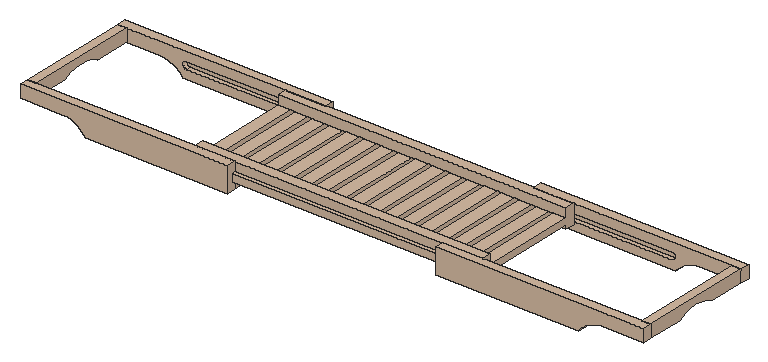
Revit family "Reece_Accessory_Kado_Arc_Adjustable Bath Rack", category Plumbing Fixtures, host Face, Revit 2018
Family settings
  Host = Face
  Round Connector Dimension = Use Diameter
  Part Type = Normal
  Cut with Voids When Loaded = No
  Shared = Yes
  Room Calculation Point = Yes
Parameters (values of type "American Solid Oak")
  Waste Connection = no
  WFU = 0  # constant formula
  Vent Connection = no
  URL = "https://www.reece.com.au/product/-9509648"
  Type Comments = "Accessory"
  Reece_Rack_Extender_Right_Range [instance] = if(Reece_Rack_Extender_Right > 525 mm, 525 mm, if(Reece_Rack_Extender_Right < 350 mm, 350 mm, Reece_Rack_Extender_Right))  # 525 mm
  Reece_Rack_Extender_Right [instance] = 525 mm
  Reece_Rack_Extender_Left_Range [instance] = if(Reece_Rack_Extender_Left > 525 mm, 525 mm, if(Reece_Rack_Extender_Left < 350 mm, 350 mm, Reece_Rack_Extender_Left))  # 525 mm
  Reece_Rack_Extender_Left [instance] = 525 mm
  Reece_Product_Web Page = "https://www.reece.com.au/product/-9509648"
  Reece_Product_Type = "Accessory"  # constant formula
  Reece_Product_Sub Brand = "Arc"  # constant formula
  Reece_Product_Number = "9509648"
  Reece_Product_Mount = "Bath Mounted"
  Reece_Product_Description = "Kado Arc Adjustable Bath Rack American Solid Oak"
  Reece_Product_Brand = "Kado"  # constant formula
  Reece_Overall_Width [instance] = Reece_Rack_Extender_Left_Range + Reece_Rack_Extender_Right_Range  # 1050 mm
  Reece_Overall_Height = 42 mm  # constant formula
  Reece_Overall_Depth = 220 mm  # constant formula
  Reece_Material_Main = Reece_Oak_American
  Reece_Detail_Disclaimer = "THIS FILE IS THE PROPERTY OF THE REECE GROUP. IT MAY NOT BE REPRODUCED, REVERSE-ENGINEERED OR MODIFIED. ANY REPUBLICATION, TRANSMISSION OR DISTRIBUTION FOR THE PURPOSE OF COMMERCIALLY EXPLOITING THE FILES IS PROHIBITED."  # constant formula
  Model = "Arc"
  Manufacturer = "Kado"
  Keynote = "Product #9509648, Reece_Accessory_Kado_Arc_Adjustable Bath Rack - American Solid Oak"
  HWFU = 0  # constant formula
  HW Connection = no
  Disclaimer = "THIS FILE IS THE PROPERTY OF THE REECE GROUP. IT MAY NOT BE REPRODUCED, REVERSE-ENGINEERED OR MODIFIED. ANY REPUBLICATION, TRANSMISSION OR DISTRIBUTION FOR THE PURPOSE OF COMMERCIALLY EXPLOITING THE FILES IS PROHIBITED."  # constant formula
  Description = "Kado Arc Adjustable Bath Rack American Solid Oak"
  Default Elevation = 0 mm
  CWFU = 0  # constant formula
  CW Connection = no
Types (2, lengths in mm): name | Keynote
  (no name) | "Product #9509648, Reece_Accessory_Kado_Arc_Adjustable Bath Rack -  "
  American Solid Oak | "Product #9509648, Reece_Accessory_Kado_Arc_Adjustable Bath Rack - American Solid Oak"
Reference planes
  plane 1 "Center (Front/Back)": y = 0
  plane 2 "Bottom": z = 0
  plane 3 "Center (Left/Right)": x = 0
  plane 4 "Top": z = 42
  plane 5: x = 525
  plane 6: x = -525
  plane 7: y = -110
  plane 8: y = 110
  plane 9: x = 0
Forms (mm)
  Extrusion 1, solid, material "Reece_Oak_American" <- "Reece_Material_Main"
    sketch origin (0, 0, 0) x (1, 0, 0) y (0, 1, 0)
      loop
        line (-242.5, 87.5) -> (-242.5, -87.5) -> (-221.5, -87.5) -> (-221.5, 87.5) -> (-242.5, 87.5)
      loop
        line (-213.5, 87.5) -> (-213.5, -87.5) -> (-192.5, -87.5) -> (-192.5, 87.5) -> (-213.5, 87.5)
      loop
        line (-184.5, 87.5) -> (-184.5, -87.5) -> (-163.5, -87.5) -> (-163.5, 87.5) -> (-184.5, 87.5)
      loop
        line (-155.5, 87.5) -> (-155.5, -87.5) -> (-134.5, -87.5) -> (-134.5, 87.5) -> (-155.5, 87.5)
      loop
        line (-126.5, 87.5) -> (-126.5, -87.5) -> (-105.5, -87.5) -> (-105.5, 87.5) -> (-126.5, 87.5)
      loop
        line (-97.5, 87.5) -> (-97.5, -87.5) -> (-76.5, -87.5) -> (-76.5, 87.5) -> (-97.5, 87.5)
      loop
        line (-68.5, 87.5) -> (-68.5, -87.5) -> (-47.5, -87.5) -> (-47.5, 87.5) -> (-68.5, 87.5)
      loop
        line (-39.5, 87.5) -> (-39.5, -87.5) -> (-18.5, -87.5) -> (-18.5, 87.5) -> (-39.5, 87.5)
      loop
        line (-10.5, 87.5) -> (-10.5, -87.5) -> (10.5, -87.5) -> (10.5, 87.5) -> (-10.5, 87.5)
      loop
        line (18.5, 87.5) -> (18.5, -87.5) -> (39.5, -87.5) -> (39.5, 87.5) -> (18.5, 87.5)
      loop
        line (47.5, 87.5) -> (47.5, -87.5) -> (68.5, -87.5) -> (68.5, 87.5) -> (47.5, 87.5)
      loop
        line (76.5, 87.5) -> (76.5, -87.5) -> (97.5, -87.5) -> (97.5, 87.5) -> (76.5, 87.5)
      loop
        line (105.5, 87.5) -> (105.5, -87.5) -> (126.5, -87.5) -> (126.5, 87.5) -> (105.5, 87.5)
      loop
        line (134.5, 87.5) -> (134.5, -87.5) -> (155.5, -87.5) -> (155.5, 87.5) -> (134.5, 87.5)
      loop
        line (163.5, 87.5) -> (163.5, -87.5) -> (184.5, -87.5) -> (184.5, 87.5) -> (163.5, 87.5)
      loop
        line (192.5, 87.5) -> (192.5, -87.5) -> (213.5, -87.5) -> (213.5, 87.5) -> (192.5, 87.5)
      loop
        line (221.5, 87.5) -> (221.5, -87.5) -> (242.5, -87.5) -> (242.5, 87.5) -> (221.5, 87.5)
    from 16 to 26
  Extrusion 2, solid, material "Reece_Oak_American" <- "Reece_Material_Main"
    sketch origin (0, 0, 0) x (0, 1, 0) y (0, 0, 1)
      loop
        line (87.5, 16) -> (80, 16) -> (80, 10) -> (95, 10) -> (95, 42) -> (80, 42) -> (80, 26) -> (87.5, 26) -> (87.5, 16)
    from -242.5 to 242.5
  Extrusion 3, solid, material "Reece_Oak_American" <- "Reece_Material_Main"
    sketch origin (0, 0, 0) x (0, 1, 0) y (0, 0, 1)
      loop
        line (102.5, 27) -> (95, 27) -> (95, 15) -> (102.5, 15) -> (102.5, 27)
    from -234.5 to 234.5
  Extrusion 4, solid, material "Reece_Oak_American" <- "Reece_Material_Main"
    sketch origin (0, 0, 0) x (0, -1, 0) y (0, 0, -1)
      loop
        line (87.5, -16) -> (87.5, -26) -> (80, -26) -> (80, -42) -> (95, -42) -> (95, -10) -> (80, -10) -> (80, -16) -> (87.5, -16)
    from -242.5 to 242.5
  Extrusion 5, solid, material "Reece_Oak_American" <- "Reece_Material_Main"
    sketch origin (0, 0, 0) x (0, -1, 0) y (0, 0, -1)
      loop
        line (102.5, -27) -> (102.5, -15) -> (95, -15) -> (95, -27) -> (102.5, -27)
    from -234.5 to 234.5
Cuts and joins
  joined: Extrusion 1, Extrusion 2, Extrusion 3, Extrusion 4, Extrusion 5
Text (mm)
  text "Reece Copyright © 2018, Reece Ltd." at (-937.279, -555.155, 0), in view "Ref. Level"
  text "Reece ©" at (44.384, 258.95, 192.345), in view "Reece Preview"
Dimensions and locks
  "Reece_Rack_Extender_Left_Range": plane 6 to plane 3 "Center (Left/Right)"
  "Reece_Overall_Depth": plane 7 to plane 8
  "Reece_Overall_Height": plane 4 "Top" to plane 2 "Bottom"
  "Reece_Rack_Extender_Right_Range": plane 9 to plane 5
  plane 6 to nested 1 to nested 2 to plane 5 = 350 mm locked, 350 mm, 350 mm
  plane 6 to plane 5 = 1050 mm
  level to plane 4 "Top" = 42 mm
  plane 5 to plane 6 = 1050 mm  (x2)
  plane 8 to plane 7 = 220 mm
  plane 4 "Top" to plane 2 "Bottom" = 42 mm
  plane 7 to plane 8 = 220 mm
  aligned and locked: plane 2 "Bottom" to host face
  aligned and locked: level to host face
  aligned and locked: plane 6 to nested 1
  aligned and locked: nested 2 to plane 5
Automatic sketch dimensions
  host sketch curve to host sketch curve = 1401.352 mm
  host sketch curve to host sketch curve = 317.421 mm
  Extrusion 1 sketch curve to plane 7 = 22.5 mm  (x3)
  Extrusion 1 sketch curve to plane 3 "Center (Left/Right)" = 242.5 mm
  Extrusion 1 sketch curve to Extrusion 1 sketch curve = 21 mm  (x15)
  Extrusion 1 sketch curve to Extrusion 1 sketch curve = 8 mm  (x16)
  Extrusion 1 sketch curve to plane 3 "Center (Left/Right)" = 18.5 mm
  plane 3 "Center (Left/Right)" to Extrusion 1 sketch curve = 10.5 mm
  Extrusion 1 sketch curve to Extrusion 1 sketch curve = 0 mm  (x30)
  plane 8 to Extrusion 1 sketch curve = 22.5 mm
  plane 8 to Extrusion 2 sketch curve = 30 mm
  Extrusion 2 sketch curve to Extrusion 2 sketch curve = 0 mm
  Extrusion 2 sketch curve to Extrusion 2 sketch curve = 7.5 mm  (x2)
  level to Extrusion 2 sketch curve = 10 mm
  Extrusion 2 sketch curve to Extrusion 2 sketch curve = 6 mm
  Extrusion 2 sketch curve to Extrusion 2 sketch curve = 10 mm
  Extrusion 2 sketch curve to Extrusion 2 sketch curve = 16 mm
  plane 8 to Extrusion 3 sketch curve = 15 mm
  Extrusion 3 sketch curve to Extrusion 3 sketch curve = 7.5 mm
  level to Extrusion 3 sketch curve = 15 mm
  Extrusion 3 sketch curve to Extrusion 3 sketch curve = 12 mm
  plane 7 to Extrusion 4 sketch curve = 30 mm
  Extrusion 4 sketch curve to Extrusion 4 sketch curve = 0 mm
  Extrusion 4 sketch curve to Extrusion 4 sketch curve = 7.5 mm  (x2)
  Extrusion 4 sketch curve to level = 10 mm
  Extrusion 4 sketch curve to Extrusion 4 sketch curve = 6 mm
  Extrusion 4 sketch curve to Extrusion 4 sketch curve = 10 mm
  Extrusion 4 sketch curve to Extrusion 4 sketch curve = 16 mm
  plane 7 to Extrusion 5 sketch curve = 15 mm
  plane 7 to Extrusion 5 sketch curve = 7.5 mm
  Extrusion 5 sketch curve to level = 15 mm
  Extrusion 5 sketch curve to Extrusion 5 sketch curve = 12 mm
Nested families
  nested 1: "Reece_Accessory_Kado_Arc_Adjustable Bath Rack_Nested" at (-525, 0, 0), Reece_Material_Main <- "Reece_Material_Main", type "Reece_Accessory_Kado_Arc_Adjustable Bath Rack_Nested"
    with Reece_Material_Main Reece_Oak_American
  nested 2: "Reece_Accessory_Kado_Arc_Adjustable Bath Rack_Nested" at (525, 0, 0) x (-1, 0, 0) z (0, 0, 1), Reece_Material_Main <- "Reece_Material_Main", type "Reece_Accessory_Kado_Arc_Adjustable Bath Rack_Nested"
    with Reece_Material_Main Reece_Oak_American
Definition of nested family "Reece_Accessory_Kado_Arc_Adjustable Bath Rack_Nested"
  Parameters (values of type "Reece_Accessory_Kado_Arc_Adjustable Bath Rack_Nested")
    Waste Connection = no
    WFU = 0
    Vent Connection = no
    URL = ""
    Type Comments = ""
    Reece_Material_Main [instance] = none
    Model = ""
    Manufacturer = ""
    Keynote = ""
    HWFU = 0
    HW Connection = no
    Description = ""
    Default Elevation = 0 mm
    Cost = 0
    CWFU = 0
    CW Connection = no
    Assembly Code = ""
  Reference planes
    plane 1 "Center (Front/Back)": y = 0
    plane 2 "Bottom Host Plane": z = -5
    plane 3 "Center (Left/Right)": x = 0
    plane 4: x = 350
    plane 5: y = 110
    plane 6: y = -110
    plane 7 "bottom": z = 0
    plane 8: z = 42
    plane 9: y = 95
    plane 10: y = -95
    plane 11: x = 110
  Forms (mm)
    Extrusion 1, solid, material <- "Reece_Material_Main"
      sketch origin (0, 0, 0) x (0, 1, 0) y (0, 0, 1)
        loop
          line (95, 42) -> (-95, 42) -> (-95, 21) -> (-35, 21)
          arc (-35, 21) -> (0, 30.378) -> (35, 21) r 70
          line (35, 21) -> (95, 21) -> (95, 42)
      from 0 to 15
    Extrusion 2, solid, material <- "Reece_Material_Main"
      sketch origin (0, 0, 0) x (1, 0, 0) y (0, 0, 1)
        loop
          line (0, 42) -> (0, 21) -> (70, 21)
          arc (70, 21) -> (92.589, 15.431) -> (110, 0) r 48.595
          line (110, 0) -> (350, 0) -> (350, 42) -> (0, 42)
      from 95 to 110
    Extrusion 3, void
      sketch origin (0, 0, 0) x (1, 0, 0) y (0, 0, 1)
        loop
          line (350, 27) -> (116, 27)
          arc (116, 27) -> (110, 21) -> (116, 15) r 6
          line (116, 15) -> (350, 15) -> (350, 27)
      from 95 to 102.5
    Extrusion 4, solid, material <- "Reece_Material_Main"
      sketch origin (0, 0, 0) x (1, 0, 0) y (0, 0, -1)
        loop
          line (0, -42) -> (350, -42) -> (350, 0) -> (110, 0)
          arc (110, 0) -> (92.589, -15.431) -> (70, -21) r 48.595
          line (70, -21) -> (0, -21) -> (0, -42)
      from 95 to 110
    Extrusion 5, void
      sketch origin (0, 0, 0) x (1, 0, 0) y (0, 0, -1)
        loop
          line (350, -27) -> (350, -15) -> (116, -15)
          arc (116, -15) -> (110, -21) -> (116, -27) r 6
          line (116, -27) -> (350, -27)
      from 95 to 102.5
    Extrusion 6, solid, material <- "Reece_Material_Main"
      sketch origin (0, 0, 0) x (1, 0, 0) y (0, 0, 1)
        loop
          line (350, 0) -> (350, 10) -> (300, 10) -> (300, 0) -> (350, 0)
      from -95 to 95
  Cuts and joins
    Extrusion 3, Extrusion 5 cuts Extrusion 2
    Extrusion 5 cuts Extrusion 4
  Text (mm)
    text "Reece ©" at (2943.753, -2068.85, 3004.21), in view "Reece Preview"
    text "Reece ©" at (1631.025, -1085.127, -1020.679), in view "Ref. Level"
  Dimensions and locks
    locked: plane 2 "Bottom Host Plane" to level at 5
    aligned and locked: Extrusion 1 to plane 3 "Center (Left/Right)"
    aligned and locked: plane 6 to Extrusion 2
    aligned and locked: Extrusion 2 to plane 10
    aligned and locked: Extrusion 3 to Extrusion 2
    aligned and locked: Extrusion 5 to Extrusion 4
    aligned and locked: Extrusion 6 to plane 9
    aligned and locked: plane 10 to Extrusion 6
